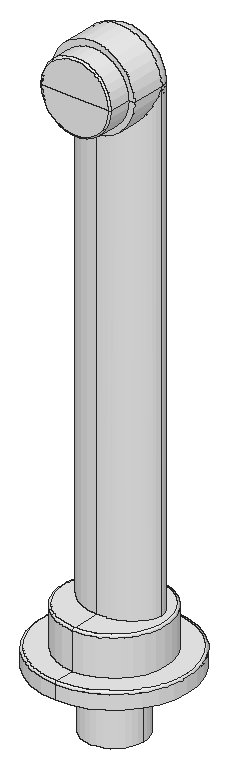
Revit family "Outlet-Bath-Dorf Kip-Wall1", category Plumbing Fixtures, host Face, Revit 2014
Parameters (values of type "Standard")
  Width_ANZRS = 50 mm  # constant formula
  Waste Connection = no
  Vent Connection = no
  URL = "http://specify.caroma.com.au/"
  Type Comments = "Dorf Kip Bath Outlet"  # constant formula
  ModifiedIssue_ANZRS = 20150421.01  # constant formula
  Model = "872894C"  # constant formula
  Material_ANZRS = Metal-Chrome-Caroma
  Manufacturer = "GWA Bathrooms & Kitchens"  # constant formula
  Length_ANZRS = 194 mm  # constant formula
  Height_ANZRS = 50 mm  # constant formula
  HWFU = 2
  HW Connection = yes
  Description = "The Dorf Kip collection, complete with a full range of bathroom accessories and mixer taps offers a streamlined design, versatility and lasting quality."  # constant formula
  Default Elevation = 500 mm
  CreatedBy_ANZRS = "Design Content"  # constant formula
  CreatedByURL_ANZRS = "http://www.designcontent.com.au"
  Cost = 0
  Connector Radius = 10 mm
  CWFU = 2
  CW Connection = yes
  Assembly Code = "D2020300"
Reference planes
  plane 1 "Center (Front/Back)": y = 0
  plane 2: z = 0
  plane 3 "Center (Left/Right)": x = 0
Forms (mm)
  Extrusion 1, solid, material "Metal-Chrome-Caroma" <- "Material_ANZRS"
    sketch origin (0, 0, 0) x (1, 0, 0) y (0, 1, 0)
      loop
        circle (0, 0) r 10
    from -20 to 0
  Revolve 2, solid, material "Metal-Chrome-Caroma"
    sketch origin (0, 0, 0) x (0, 1, 0) y (0, 0, 1)
      loop
        line (-25, 4.8) -> (-25, 0) -> (0, 0) -> (0, 18.5) -> (-16.8, 18.5)
        arc (-16.8, 18.5) -> (-17.295, 18.295) -> (-17.5, 17.8) r 0.7
        line (-17.5, 17.8) -> (-17.5, 5.5) -> (-24.3, 5.5)
        arc (-24.3, 5.5) -> (-24.795, 5.295) -> (-25, 4.8) r 0.7
      axis (0, 18.5) -> (0, 0)
    angle from 0 to 360
  Extrusion 3, solid, material "Metal-Chrome-Caroma"
    sketch origin (0, 0, 0) x (1, 0, 0) y (0, 1, 0)
      loop
        arc (14.003, 2.506) -> (12.537, 6.046) -> (8.997, 7.512) r 5.006
        line (8.997, 7.512) -> (0, 7.512) -> (-9.005, 7.512)
        arc (-9.005, 7.512) -> (-12.53, 6.052) -> (-13.99, 2.527) r 4.986
        spline (-13.99, 2.527) -> (-13.378, 0.116) -> (-12.661, -1.034) -> (-11.841, -2.024) -> (-10.889, -3.038) -> (-9.92, -3.946) -> (-8.925, -4.717) -> (-7.801, -5.421) -> (-6.565, -6.051) -> (-5.305, -6.554) -> (-3.886, -6.95) -> (-2.068, -7.296) -> (0, -7.5)
        spline (0, -7.5) -> (2.073, -7.292) -> (3.894, -6.941) -> (5.316, -6.541) -> (6.578, -6.034) -> (7.815, -5.401) -> (8.941, -4.693) -> (9.936, -3.917) -> (10.905, -3.006) -> (11.858, -1.987) -> (12.677, -0.994) -> (13.394, 0.16) -> (14.003, 2.578)
    from 12.812 to 179.5
  Revolve 4, solid, material "Metal-Chrome-Caroma"
    sketch origin (-129.027, -4572, 179.5) x (-1, 0, 0) y (0, -1, 0)
      loop
        line (-129.027, -4579.512) -> (-120.039, -4579.512)
        arc (-120.039, -4579.512) -> (-116.495, -4578.044) -> (-115.027, -4574.5) r 5.012
        line (-115.027, -4574.5) -> (-115.027, -4563) -> (-117.027, -4563) -> (-117.027, -4556) -> (-117.627, -4555.4) -> (-129.027, -4555.4) -> (-129.027, -4579.512)
      axis (-129.027, -4579.512) -> (-129.027, -4555.4)
    angle from 0 to 360
Cuts and joins
  joined: Revolve 2, Extrusion 3
Lines and regions (mm)
  Masking region 1
    outline origin (0, 0, 0) x (0, 1, 0) y (0, 0, 1)
      loop
        line (0, 0) -> (25, 0) -> (25, 4.8)
        arc (25, 4.8) -> (24.795, 5.295) -> (24.3, 5.5) r 0.7
        line (24.3, 5.5) -> (17.5, 5.5) -> (17.5, 17.8)
        arc (17.5, 17.8) -> (17.295, 18.295) -> (16.8, 18.5) r 0.7
        line (16.8, 18.5) -> (7.5, 18.5) -> (7.5, 189.074)
        arc (7.5, 189.074) -> (6.204, 192.204) -> (3.074, 193.5) r 4.426
        line (3.074, 193.5) -> (-9, 193.5) -> (-9, 191.5) -> (-16, 191.5) -> (-16.6, 190.9) -> (-16.6, 168.1) -> (-16, 167.5) -> (-9, 167.5) -> (-9, 165.5)
        arc (-9, 165.5) -> (-7.939, 165.061) -> (-7.5, 164) r 1.5
        line (-7.5, 164) -> (-7.5, 18.5) -> (-16.8, 18.5)
        arc (-16.8, 18.5) -> (-17.295, 18.295) -> (-17.5, 17.8) r 0.7
        line (-17.5, 17.8) -> (-17.5, 5.5) -> (-24.3, 5.5)
        arc (-24.3, 5.5) -> (-24.795, 5.295) -> (-25, 4.8) r 0.7
        line (-25, 4.8) -> (-25, 0) -> (0, 0)
  Masking region 2
    outline origin (0, 0, 0) x (1, 0, 0) y (0, 0, 1)
      loop
        line (0, 0) -> (25, 0) -> (25, 4.8)
        arc (25, 4.8) -> (24.795, 5.295) -> (24.3, 5.5) r 0.7
        line (24.3, 5.5) -> (17.5, 5.5) -> (17.5, 17.8)
        arc (17.5, 17.8) -> (17.295, 18.295) -> (16.8, 18.5) r 0.7
        line (16.8, 18.5) -> (13.99, 18.5) -> (13.99, 178.757)
        arc (13.99, 178.757) -> (0.382, 193.495) -> (-13.99, 179.5) r 14
        line (-13.99, 179.5) -> (-13.99, 18.5) -> (-16.8, 18.5)
        arc (-16.8, 18.5) -> (-17.295, 18.295) -> (-17.5, 17.8) r 0.7
        line (-17.5, 17.8) -> (-17.5, 5.5) -> (-24.3, 5.5)
        arc (-24.3, 5.5) -> (-24.795, 5.295) -> (-25, 4.8) r 0.7
        line (-25, 4.8) -> (-25, 0) -> (0, 0)
  Masking region 3
    outline origin (0, 0, 0) x (1, 0, 0) y (0, 1, 0)
      loop
        circle (0, 0) r 25
  symbolic lines, style "Taps/Mixers"
    curve 1: line (0, 7.512, 0) -> (-9.005, 7.512, 0)
    curve 2: line (8.997, 7.512, 0) -> (0, 7.512, 0)
    curve 3: arc (14.003, 2.506, 0) -> (12.537, 6.046, 0) -> (8.997, 7.512, 0) r 5.006
    curve 4: arc (-9.005, 7.512, 0) -> (-12.53, 6.052, 0) -> (-13.99, 2.527, 0) r 4.986
    curve 5: arc (12, -12.738, 0) -> (0, 17.5, 0) -> (-12, -12.738, 0) r 17.5
    curve 6: line (-12, -16, 0) -> (-12, -9, 0)
    curve 7: line (12, -16, 0) -> (12, -9, 0)
    curve 8: line (12, -16, 0) -> (11.4, -16.6, 0)
    curve 9: line (11.4, -16.6, 0) -> (-11.4, -16.6, 0)
    curve 10: line (-11.4, -16.6, 0) -> (-12, -16, 0)
    curve 11: line (-12, -16, 0) -> (12, -16, 0)
    curve 12: line (14.003, -9, 0) -> (-12, -9, 0)
    curve 13: line (-12, -9, 0) -> (-14, -9, 0)
    curve 14: line (-14, -9, 0) -> (-14, 2.506, 0)
    curve 15: line (14.003, 2.506, 0) -> (14.003, -9, 0)
    curve 16: arc (-5.54, -16.6, 0) -> (0, -17.5, 0) -> (5.54, -16.6, 0) r 17.5
    curve 17: line (0, 17.5, 5.5) -> (0, -17.5, 5.5)
    curve 18: line (0, 7.5, 18.5) -> (0, -7.5, 18.5)
    curve 19: line (0, -16, 191.5) -> (0, -16, 167.5)
    curve 20: line (0, -9, 191.5) -> (0, -9, 167.523)
    curve 21: line (0, -7.413, 165.564) -> (0, -1.119, 173.335)
    curve 22: line (13.99, 0, 18.5) -> (-13.99, 0, 18.5)
    curve 23: line (17.5, 0, 5.5) -> (-17.5, 0, 5.5)
Dimensions and locks
  "Connector Radius": radius of Extrusion 1 sketch curve
  aligned and locked: plane 2 to host face
  aligned and locked: level to host face
Automatic sketch dimensions
  host sketch curve to host sketch curve = 2438.4 mm  (x2)
  Revolve 2 sketch curve to plane 1 "Center (Front/Back)" = 0 mm  (x2)
  Revolve 2 sketch curve to level = 0 mm
  plane 1 "Center (Front/Back)" to Revolve 2 sketch curve = 16.8 mm
  Revolve 2 sketch curve to Revolve 2 sketch curve = 0.7 mm  (x2)
  Revolve 2 sketch curve to Revolve 2 sketch curve = 6.8 mm
  level to Revolve 2 sketch curve = 4.8 mm
  Revolve 2 sketch curve to Revolve 2 sketch curve = 12.3 mm
  Revolve 2 sketch curve to level = 4.076 mm
  Revolve 2 sketch curve to Revolve 2 sketch curve = 17.424 mm
  Extrusion 3 sketch curve to plane 3 "Center (Left/Right)" = 0 mm  (x2)
  Extrusion 3 sketch curve to Extrusion 3 sketch curve = 9.005 mm
  Extrusion 3 sketch curve to plane 1 "Center (Front/Back)" = 2.506 mm
  plane 3 "Center (Left/Right)" to Extrusion 3 sketch curve = 8.997 mm
  plane 1 "Center (Front/Back)" to Extrusion 3 sketch curve = 7.5 mm
  Extrusion 3 sketch curve to plane 1 "Center (Front/Back)" = 2.578 mm
  Extrusion 3 sketch curve to plane 1 "Center (Front/Back)" = 2.527 mm
  Extrusion 3 sketch curve to Extrusion 3 sketch curve = 4.986 mm
  Revolve 4 sketch curve to plane 3 "Center (Left/Right)" = 0 mm  (x2)
  Revolve 4 sketch curve to plane 3 "Center (Left/Right)" = 8.988 mm
  Revolve 4 sketch curve to Revolve 4 sketch curve = 11.4 mm
  Revolve 4 sketch curve to Revolve 4 sketch curve = 0.6 mm  (x2)
  Revolve 4 sketch curve to Revolve 4 sketch curve = 2 mm
  Revolve 4 sketch curve to plane 1 "Center (Front/Back)" = 7.512 mm
  plane 1 "Center (Front/Back)" to Revolve 4 sketch curve = 9 mm
  Revolve 4 sketch curve to Revolve 4 sketch curve = 7 mm
  Revolve 4 sketch curve to Revolve 4 sketch curve = 21.039 mm
  Revolve 4 sketch curve to Revolve 4 sketch curve = 13.614 mm
  Masking region 2 sketch curve to level = 0 mm
  Masking region 2 sketch curve to plane 3 "Center (Left/Right)" = 0 mm
  Masking region 2 sketch curve to Masking region 2 sketch curve = 2.81 mm  (x2)
  Masking region 2 sketch curve to Masking region 2 sketch curve = 0.7 mm  (x4)
  Masking region 2 sketch curve to Masking region 2 sketch curve = 6.8 mm  (x2)
  plane 3 "Center (Left/Right)" to Masking region 2 sketch curve = 0.01 mm
  plane 3 "Center (Left/Right)" to Masking region 2 sketch curve = 13.99 mm
  Masking region 2 sketch curve to Masking region 2 sketch curve = 4.8 mm  (x2)
  Masking region 2 sketch curve to Masking region 2 sketch curve = 12.3 mm  (x2)
  plane 1 "Center (Front/Back)" to Masking region 3 sketch curve = 0 mm
  Masking region 3 sketch curve to plane 3 "Center (Left/Right)" = 0 mm
  curve 5 to curve 16 = 0 mm  (x2)
  curve 2 to plane 3 "Center (Left/Right)" = 0 mm
  plane 1 "Center (Front/Back)" to curve 16 = 0 mm
  curve 16 to plane 3 "Center (Left/Right)" = 0 mm
  curve 1 to curve 1 = 9.005 mm
  curve 9 to plane 3 "Center (Left/Right)" = 11.4 mm
  curve 11 to curve 9 = 0.6 mm
  curve 14 to curve 6 = 2 mm
  plane 3 "Center (Left/Right)" to curve 2 = 8.997 mm
  plane 3 "Center (Left/Right)" to curve 9 = 11.4 mm
  curve 8 to curve 7 = 0.6 mm
  curve 7 to curve 12 = 2.003 mm
  plane 1 "Center (Front/Back)" to curve 15 = 9 mm
  curve 6 to curve 6 = 7 mm
  curve 9 to curve 7 = 0.6 mm
  curve 15 to plane 1 "Center (Front/Back)" = 2.506 mm
  curve 4 to plane 1 "Center (Front/Back)" = 2.527 mm
  plane 3 "Center (Left/Right)" to curve 16 = 5.54 mm
  curve 6 to curve 5 = 3.262 mm
  curve 14 to curve 4 = 0.021 mm
  Masking region 1 sketch curve to level = 0 mm
  Masking region 1 sketch curve to plane 1 "Center (Front/Back)" = 0 mm
  plane 1 "Center (Front/Back)" to Masking region 1 sketch curve = 7.5 mm
  Masking region 1 sketch curve to Masking region 1 sketch curve = 1.5 mm
  plane 1 "Center (Front/Back)" to Masking region 1 sketch curve = 9 mm
  Masking region 1 sketch curve to Masking region 1 sketch curve = 7 mm
  Masking region 1 sketch curve to Masking region 1 sketch curve = 9.3 mm  (x2)
  Masking region 1 sketch curve to Masking region 1 sketch curve = 0.7 mm  (x4)
  Masking region 1 sketch curve to Masking region 1 sketch curve = 6.8 mm  (x2)
  Masking region 1 sketch curve to plane 1 "Center (Front/Back)" = 3.074 mm
  Masking region 1 sketch curve to Masking region 1 sketch curve = 4.426 mm
  level to Masking region 1 sketch curve = 5.5 mm
  Masking region 1 sketch curve to Masking region 1 sketch curve = 4.8 mm
  Masking region 1 sketch curve to Masking region 1 sketch curve = 12.3 mm  (x2)
  Masking region 1 sketch curve to Masking region 1 sketch curve = 2 mm  (x2)
  Masking region 1 sketch curve to Masking region 1 sketch curve = 0.6 mm  (x4)
  Masking region 1 sketch curve to Masking region 1 sketch curve = 145.5 mm
  Masking region 1 sketch curve to Masking region 1 sketch curve = 21.574 mm
  Masking region 2 sketch curve to plane 3 "Center (Left/Right)" = 13.99 mm
  Masking region 2 sketch curve to Masking region 2 sketch curve = 160.257 mm
  level to curve 17 = 5.5 mm
  plane 1 "Center (Front/Back)" to curve 17 = 17.5 mm
  curve 19 to curve 20 = 7 mm
  plane 1 "Center (Front/Back)" to curve 18 = 7.5 mm
  curve 20 to curve 21 = 1.587 mm
  plane 1 "Center (Front/Back)" to curve 21 = 1.119 mm
  curve 18 to plane 1 "Center (Front/Back)" = 7.5 mm
  curve 18 to curve 17 = 10 mm
  curve 19 to curve 20 = 0.023 mm
  curve 17 to curve 18 = 13 mm
  curve 20 to curve 19 = 0 mm
  plane 1 "Center (Front/Back)" to curve 21 = 7.413 mm
  curve 18 to curve 21 = 147.064 mm
  curve 21 to curve 21 = 7.771 mm
  curve 21 to curve 19 = 1.937 mm
  curve 21 to curve 20 = 18.165 mm
  level to curve 23 = 5.5 mm
  curve 23 to plane 3 "Center (Left/Right)" = 17.5 mm
  curve 23 to curve 22 = 3.51 mm
  plane 3 "Center (Left/Right)" to curve 22 = 13.99 mm
  curve 22 to curve 23 = 3.51 mm
  curve 23 to curve 22 = 13 mm
  plane 1 "Center (Front/Back)" to Extrusion 1 sketch curve = 0 mm
  Extrusion 1 sketch curve to plane 3 "Center (Left/Right)" = 0 mm
  radius of Masking region 3 sketch curve = 25 mm
Connectors
  piping at (0, 0, -20), diameter 20, driven by "HWFU", driven by "Connector Radius"
    settings: on Extrusion 1, index 1, connector inside diameter 0.7874", connector length 0 mm, flow factor 0, pipe flow 0 GPM, pressure drop 0.00 psi, fitting loss kfactor 0, connector angle 0.00°, fixture units 2, engagement length 0 mm, angle of deflection 0.00°, flow configuration 3, flow direction 1, fitting loss method 101, system type 19, joint type 0, gender type 0, connector reference index -1, connector utility 0, adjustable connector no, is connector primary yes, connector description ""
